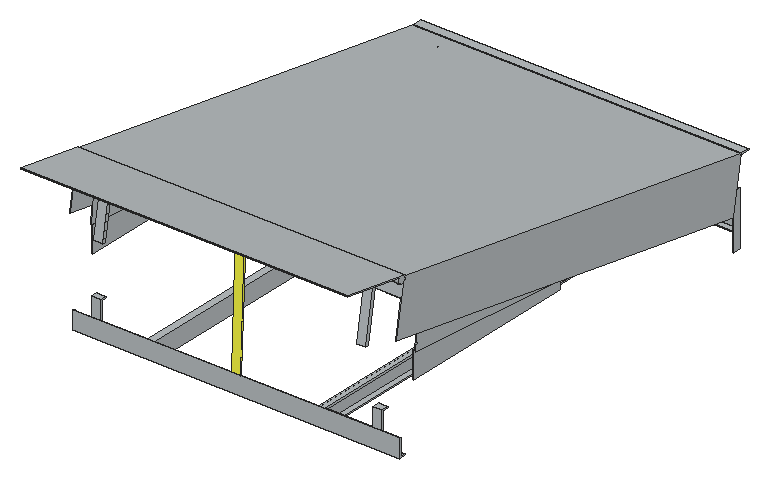
Revit family "DockEquipment_Leveler_Pentalift_MD-MU-MC", category Specialty Equipment, host Face, Revit 2023
Family settings
  Host = Face
  Round Connector Dimension = Use Diameter
  Part Type = Normal
  Enable Cutting in Views = No
  Cut with Voids When Loaded = No
  Maintain Annotation Orientation = No
  Shared = No
  Room Calculation Point = No
Parameters
  XDim [instance] = if(Incline Angle = 0.00°, 0' 0", PF Length - (InclHeight / tan(Incline Angle)))  # 0' - 1.42617"
  Warranty Duration (Years) = 0
  Unit Width = 6' - 0"
  Unit Length = 8' - 0"
  Unit Depth = 1' - 7"
  URL = "http://www.pentalift.com/index.php"
  Test Data = ""
  TapeAngle [instance] = atan(XDim / (Unit Depth - 0' 4" + InclHeight))  # 2.60875°
  Specification = ""
  SpecWizard = ""
  Send Message = "http://www.arcat.com/users.pl?action=UserEmail&company=Pentalift Equipment Corp.&coid=34752&rep=119&fax=519-763-2894&mf="
  Sales Information = "http://www.pentalift.com/about-us.htm"
  Revision = "R1_1_2012"
  Product Properties = ""
  Product Data = "http://www.arcat.com/arcatcos/cos34/arc34752.html"
  TapeLength [instance] = if(TapeAngle = 0.00°, Unit Depth - 0' 6", (XDim / sin(TapeAngle)) - 0' 3")  # 2' - 4.3337"
  PF Length = Unit Length - 0' 2 1/8"  # 7' - 9 7/8"
  Model = "As Specified"
  Max Angle = 10.00°
  Material = Metal - Steel - Pentalift - Painted - Gray
  Manufacturer Website = "http://www.pentalift.com/index.php"
  Manufacturer Phone - Toll Free = ""
  Manufacturer Phone = "519-763-3625"
  Manufacturer Fax = "519-763-2894"
  Manufacturer Address = "21 Nicholas Beaver Rd. Guelph, ON, Canada N1H 6H9 "
  Manufacturer = "Pentalift Equipment Corp."
  Maintenance Schedule (Months) = 0
  Lip Length [instance] = 1' - 4"
  Lip Angle [instance] = 0.00°
  Keynote = "11160"
  Installation-Fabrication = ""
  Installation Phase = ""
  Incline Angle [instance] = 10.00°
  InclHeight [instance] = PF Length * sin(Incline Angle)  # 1' - 4.30122"
  Green Building-LEED = ""
  Expected Lifespan (Years) = 0
  Drawn By = "Sumex Design, Inc. / Robert S. Weygant, CSI, CDT, SCIP"
  Description = "Pentalift Dock Equipment as Specified"
  Default Elevation = 4' - 0"
  Copyright = "©Arcat Inc."
  Construction Details = "http://www.arcat.com/details/pentalif/pentalif.html?coid=34752"
  Capacity (Weight) = 100.00 kip
  Building Codes = ""
  Assembly Code = "E1030300"
Reference planes (in)
  plane 1 "Center (Front/Back)": y = 0
  plane 2: z = 0
  plane 3 "Center (Left/Right)": x = 0
  plane 4: y = 45.875
  plane 5: y = -48
  plane 6: x = -36
  plane 7: x = 36
  plane 8: z = -19
  plane 9: x = -18
  plane 10: x = 18
  plane 11: y = -3
  plane 12: z = -17.5
  plane 13: z = -15
  plane 14: y = 48
Forms (in)
  Extrusion 1, void
    sketch origin (0, 0, 0) x (1, 0, 0) y (0, 1, 0)
      loop
        line (-36, -48) -> (36, -48) -> (36, 48) -> (-36, 48) -> (-36, -48)
    from 0 to -19
  Sweep 2, solid, material "Metal - Steel - Pentalift - Painted - Gray" <- "Material"
    path origin (-15.17702, -180, -19) x (-1, 0, 0) y (0, -1, 0)
      loop
        line (2.82298, -225.875) -> (2.82298, -132)
    profile origin (-18, -1.0625, -19) x (1, 0, 0) y (0, 0, 1)
      loop
        line (0, 0) -> (0, 4) -> (-1.5, 4) -> (-1.5, 3.75) -> (-0.25, 3.75) -> (-0.25, 0.25) -> (-1.5, 0.25) -> (-1.5, 0) -> (0, 0)
  Sweep 3, solid, material "Metal - Steel - Pentalift - Painted - Gray" <- "Material"
    path origin (-15.17702, -180, -19) x (-1, 0, 0) y (0, -1, 0)
      loop
        line (-33.17702, -225.875) -> (-33.17702, -132)
    profile origin (18, -1.0625, -19) x (1, 0, 0) y (0, 0, 1)
      loop
        line (0, 0) -> (1.5, 0) -> (1.5, 0.25) -> (0.25, 0.25) -> (0.25, 3.75) -> (1.5, 3.75) -> (1.5, 4) -> (0, 4) -> (0, 0)
  Sweep 4, solid, material "Metal - Steel - Pentalift - Painted - Gray" <- "Material"
    path origin (-15.17702, -180, -19) x (-1, 0, 0) y (0, -1, 0)
      loop
        line (20.82298, -132) -> (-51.17702, -132)
    profile origin (0, -48, -19) x (0, 1, 0) y (0, 0, 1)
      loop
        line (0, 0) -> (1.5, 0) -> (1.5, 0.25) -> (0.25, 0.25) -> (0.25, 4) -> (0, 4) -> (0, 0)
  Sweep 5, solid, material "Metal - Steel - Pentalift - Painted - Gray" <- "Material"
    path origin (-15.17702, -180, -19) x (-1, 0, 0) y (0, -1, 0)
      loop
        line (20.57298, -225.875) -> (-50.92702, -225.875)
    profile origin (0, 45.875, -19) x (0, 1, 0) y (0, 0, 1)
      loop
        line (0, 4) -> (0, 6) -> (-0.25, 6) -> (-0.25, 4.25) -> (-1.5, 4.25) -> (-1.5, 4) -> (0, 4)
  Sweep 6, solid, material "Metal - Steel - Pentalift - Painted - Gray" <- "Material"
    path origin (-15.17702, -180, -19) x (-1, 0, 0) y (0, -1, 0)
      loop
        line (2.82298, -180) -> (-33.17702, -180)
    profile origin (0, 0, -19) x (0, 1, 0) y (0, 0, 1)
      loop
        line (1.5, 3) -> (-1.5, 3) -> (-1.5, 0) -> (1.5, 0) -> (1.5, 3)
  Sweep 7, solid, material "Metal - Steel - Pentalift - Painted - Gray" <- "Material"
    path origin (-11.83813, 45.875, 48) x (-1, 0, 0) y (0, 0, 1)
      loop
        line (6.16187, -62.75) -> (6.16187, -48.75)
    profile origin (-18, 45.875, -7.75) x (1, 0, 0) y (0, 1, 0)
      loop
        line (-1.25, -0.25) -> (-1.25, -1.5) -> (-1, -1.5) -> (-1, -0.5) -> (1, -0.5) -> (1, -1.5) -> (1.25, -1.5) -> (1.25, -0.25) -> (-1.25, -0.25)
  Sweep 8, solid, material "Metal - Steel - Pentalift - Painted - Gray" <- "Material"
    path origin (24.16187, 45.875, 48) x (-1, 0, 0) y (0, 0, 1)
      loop
        line (6.16187, -62.75) -> (6.16187, -48.75)
    profile origin (18, 45.875, -7.75) x (1, 0, 0) y (0, 1, 0)
      loop
        line (-1.25, -0.25) -> (-1.25, -1.5) -> (-1, -1.5) -> (-1, -0.5) -> (1, -0.5) -> (1, -1.5) -> (1.25, -1.5) -> (1.25, -0.25) -> (-1.25, -0.25)
  Sweep 9, solid, material "Metal - Steel - Pentalift - Painted - Gray" <- "Material"
    path origin (6.16187, 45.875, 48) x (-1, 0, 0) y (0, 0, 1)
      loop
        line (6.16187, -62.75) -> (6.16187, -48.75)
    profile origin (0, 45.875, -7.75) x (1, 0, 0) y (0, 1, 0)
      loop
        line (-1.25, -0.25) -> (-1.25, -1.5) -> (-1, -1.5) -> (-1, -0.5) -> (1, -0.5) -> (1, -1.5) -> (1.25, -1.5) -> (1.25, -0.25) -> (-1.25, -0.25)
  Extrusion 10, solid, material "Metal - Steel - Pentalift - Painted - Gray" <- "Material"
    sketch origin (-15.17702, -180, -19) x (-1, 0, 0) y (0, -1, 0)
      loop
        line (20.57298, -225.875) -> (20.57298, -224.375) -> (20.32298, -224.375) -> (20.32298, -225.875) -> (20.57298, -225.875)
      loop
        line (-50.92702, -225.875) -> (-50.67702, -225.875) -> (-50.67702, -224.375) -> (-50.92702, -224.375) -> (-50.92702, -225.875)
    from 0 to 12
  Extrusion 11, solid, material "Metal - Steel - Pentalift - Painted - Gray" <- "Material"
    sketch origin (0, 0, 0) x (0, 1, 0) y (0, 0, 1)
      loop
        line (-1.5, -19) -> (-1.5, -16.5) -> (-2.12622, -16.5)
        arc (-2.12622, -16.5) -> (-2.60231, -16.56149) -> (-3.04714, -16.74193) r 1.87378
        line (-3.04714, -16.74193) -> (-19.91603, -1.01143) -> (-20.62357, -1.71897) -> (-3.75565, -17.44856)
        arc (-3.75565, -17.44856) -> (-3.93788, -17.89531) -> (-4, -18.37378) r 1.87378
        line (-4, -18.37378) -> (-4, -19) -> (-1.5, -19)
    from -2 to 2
  Extrusion 12, solid, material "Metal - Steel - Pentalift - Painted - Gray" <- "Material"
    sketch origin (0, 0, 0) x (1, 0, 0) y (0, 1, 0)
      loop
        line (-36, 48) -> (-36, 45.875) -> (36, 45.875) -> (36, 48) -> (-36, 48)
    from 0 to -0.25
  Extrusion 13, solid, material "Metal - Steel - Pentalift - Painted - Gray" <- "Material"
    sketch origin (-36, 19.13326, 48) x (0, 1, 0) y (0, 0, 1)
      loop
        line (-66.88326, -66.75) -> (-66.63326, -66.75) -> (-66.63326, -59.25) -> (-65.38326, -59.25) -> (-65.38326, -59) -> (-66.88326, -59) -> (-66.88326, -66.75)
    from 4 to 6
  Extrusion 14, solid, material "Metal - Steel - Pentalift - Painted - Gray" <- "Material"
    sketch origin (36, 19.13326, 48) x (0, 1, 0) y (0, 0, 1)
      loop
        line (-66.88326, -66.75) -> (-66.63326, -66.75) -> (-66.63326, -59.25) -> (-65.38326, -59.25) -> (-65.38326, -59) -> (-66.88326, -59) -> (-66.88326, -66.75)
    from -4 to -6
  Extrusion 15, solid, material "Metal - Steel - Pentalift - Painted - Gray" <- "Material"
    sketch origin (36, -46.57383, 16.30122) x (-1, 0, 0) y (0, -0.173648, -0.984808)
      loop
        line (66, 0.88155) -> (66, 15) -> (64, 15) -> (64, 0.88155) -> (66, 0.88155)
      loop
        line (6, 0.88155) -> (8, 0.88155) -> (8, 15) -> (6, 15) -> (6, 0.88155)
    from 0 to 0.5
  Extrusion 16, solid, material "Metal - Steel - Pentalift - Painted - Yellow"
    sketch origin (0, -48, -15) x (0, 0.045516, 0.998964) y (0, -0.998964, 0.045516)
      loop
        line (0, 0) -> (0, -0.125) -> (28.3337, -0.125) -> (28.3337, 0) -> (0, 0)
    from 1 to -1
Cuts and joins
  joined: Sweep 2, Sweep 3, Sweep 4, Sweep 5, Sweep 6, Sweep 7, Sweep 8, Sweep 9, Extrusion 10
Lines and regions (in)
  reference lines
    curve 1: line (0, 45.875, 0) -> (0, -28.97039, 13.19726)
    curve 2: line (0, -48, -15) -> (0, -46.36144, 20.96269)
Dimensions and locks (in)
  "Unit Depth": level to plane 8
  equal spacing: plane 14, plane 1 "Center (Front/Back)", plane 5
  equal spacing: plane 6, plane 3 "Center (Left/Right)", plane 7
  "Unit Width": plane 6 to plane 7
  equal spacing: plane 6, plane 9, plane 3 "Center (Left/Right)"
  locked: plane 1 "Center (Front/Back)" to plane 11 at 3
  locked: plane 12 to plane 8 at 1.5
  equal spacing: plane 3 "Center (Left/Right)", plane 10, plane 7
  locked: plane 13 to plane 12 at 2.5
  locked: plane 14 to plane 4 at 2.125
  "Unit Length": plane 14 to plane 5
  Extrusion 15 sketch curve to Extrusion 15 sketch curve to plane 6 = 0' - 2" locked, 0' - 6"
  Extrusion 15 sketch curve to Extrusion 15 sketch curve to plane 7 = 0' - 2" locked, 0' - 6" locked
  "TapeLength": Extrusion 16 sketch curve to curve 2
  "Incline Angle": angle level to curve 1
  "TapeAngle": angle plane 5 to curve 2
  aligned and locked: plane 2 to host face
  aligned and locked: level to host face
  aligned and locked: Extrusion 1 to plane 8
Automatic sketch dimensions
  host sketch curve to host sketch curve = 8' - 0"
  host sketch curve to host sketch curve = 9' - 11.43093"
  Sweep 2 sketch curve to plane 5 = 0' - 0"
  Sweep 2 sketch curve to plane 9 = 0' - 0"
  Sweep 2 sketch curve to plane 4 = 0' - 0"
  Sweep 3 sketch curve to plane 5 = 0' - 0"
  Sweep 3 sketch curve to plane 10 = 0' - 0"
  Sweep 3 sketch curve to plane 4 = 0' - 0"
  Sweep 4 sketch curve to plane 5 = 0' - 0"
  Sweep 4 sketch curve to plane 7 = 0' - 0"
  Sweep 4 sketch curve to plane 6 = 0' - 0"
  Sweep 5 sketch curve to plane 4 = 0' - 0"
  Sweep 5 sketch curve to plane 7 = 0' - 0 1/4"
  plane 6 to Sweep 5 sketch curve = 0' - 0 1/4"
  Sweep 6 sketch curve to plane 1 "Center (Front/Back)" = 0' - 0"
  Sweep 6 sketch curve to plane 10 = 0' - 0"
  Sweep 6 sketch curve to plane 9 = 0' - 0"
  Sweep 7 sketch curve to plane 9 = 0' - 0"
  plane 13 to Sweep 7 sketch curve = 0' - 0 1/4"
  Sweep 7 sketch curve to level = 0' - 0 3/4"
  profile plane to Sweep 7 sketch curve = 0' - 1 1/4"
  Sweep 7 sketch curve to Sweep 7 sketch curve = 0' - 0 1/4"  (x2)
  Sweep 7 sketch curve to plane 4 = 0' - 0 1/2"
  Sweep 7 sketch curve to profile plane = 0' - 1"
  Sweep 7 sketch curve to Sweep 7 sketch curve = 0' - 1"  (x2)
  Sweep 7 sketch curve to plane 4 = 0' - 0 1/4"
  Sweep 8 sketch curve to plane 10 = 0' - 0"
  plane 13 to Sweep 8 sketch curve = 0' - 0 1/4"
  Sweep 8 sketch curve to level = 0' - 0 3/4"
  profile plane to Sweep 8 sketch curve = 0' - 1 1/4"
  Sweep 8 sketch curve to Sweep 8 sketch curve = 0' - 0 1/4"  (x2)
  Sweep 8 sketch curve to plane 4 = 0' - 0 1/2"
  Sweep 8 sketch curve to profile plane = 0' - 1"
  Sweep 8 sketch curve to Sweep 8 sketch curve = 0' - 1"  (x2)
  Sweep 8 sketch curve to plane 4 = 0' - 0 1/4"
  Sweep 9 sketch curve to plane 3 "Center (Left/Right)" = 0' - 0"
  plane 13 to Sweep 9 sketch curve = 0' - 0 1/4"
  Sweep 9 sketch curve to level = 0' - 0 3/4"
  profile plane to Sweep 9 sketch curve = 0' - 1 1/4"
  Sweep 9 sketch curve to Sweep 9 sketch curve = 0' - 0 1/4"  (x2)
  Sweep 9 sketch curve to plane 4 = 0' - 0 1/2"
  Sweep 9 sketch curve to profile plane = 0' - 1"
  Sweep 9 sketch curve to Sweep 9 sketch curve = 0' - 1"  (x2)
  Sweep 9 sketch curve to plane 4 = 0' - 0 1/4"
  Extrusion 10 sketch curve to plane 4 = 0' - 0"  (x2)
  Extrusion 10 sketch curve to plane 7 = 0' - 0 1/4"
  Extrusion 10 sketch curve to Extrusion 10 sketch curve = 0' - 0 1/4"
  plane 6 to Extrusion 10 sketch curve = 0' - 0 1/2"
  plane 6 to Extrusion 10 sketch curve = 0' - 0 1/4"
  Extrusion 10 sketch curve to plane 4 = 0' - 1 1/2"  (x2)
  Extrusion 1 sketch curve to plane 5 = 0' - 0"
  Extrusion 1 sketch curve to plane 6 = 0' - 0"
  Extrusion 1 sketch curve to plane 7 = 0' - 0"
  Extrusion 1 sketch curve to plane 14 = 0' - 0"
  Extrusion 12 sketch curve to plane 4 = 0' - 0"
  Extrusion 12 sketch curve to plane 6 = 0' - 0"
  Extrusion 12 sketch curve to plane 7 = 0' - 0"
  Extrusion 12 sketch curve to plane 14 = 0' - 0"
  Sweep 2 sketch curve to plane 8 = 0' - 0"
  Sweep 2 sketch curve to profile plane = 0' - 0"
  profile plane to Sweep 2 sketch curve = 0' - 0 1/4"
  plane 8 to Sweep 2 sketch curve = 0' - 0 1/4"
  Sweep 2 sketch curve to Sweep 2 sketch curve = 0' - 1 1/4"  (x2)
  Sweep 2 sketch curve to Sweep 2 sketch curve = 0' - 3 1/2"
  Sweep 2 sketch curve to Sweep 2 sketch curve = 0' - 0 1/4"
  Sweep 3 sketch curve to profile plane = 0' - 0"
  Sweep 3 sketch curve to plane 8 = 0' - 0"
  Sweep 3 sketch curve to profile plane = 0' - 0 1/4"
  Sweep 3 sketch curve to Sweep 3 sketch curve = 0' - 1 1/4"  (x2)
  Sweep 3 sketch curve to Sweep 3 sketch curve = 0' - 0 1/4"  (x2)
  Sweep 3 sketch curve to Sweep 3 sketch curve = 0' - 3 1/2"
  Sweep 4 sketch curve to profile plane = 0' - 0"
  Sweep 4 sketch curve to plane 8 = 0' - 0"
  Sweep 4 sketch curve to Sweep 4 sketch curve = 0' - 0 1/4"
  Sweep 4 sketch curve to Sweep 4 sketch curve = 0' - 1 1/4"
  plane 8 to Sweep 4 sketch curve = 0' - 0 1/4"
  Sweep 4 sketch curve to Sweep 4 sketch curve = 0' - 3 3/4"
  Sweep 5 sketch curve to profile plane = 0' - 0"
  Sweep 5 sketch curve to Sweep 5 sketch curve = 0' - 0 1/4"  (x2)
  Sweep 5 sketch curve to Sweep 5 sketch curve = 0' - 1 1/4"
  plane 8 to Sweep 5 sketch curve = 0' - 4"
  Sweep 5 sketch curve to Sweep 5 sketch curve = 0' - 1 3/4"
  Sweep 6 sketch curve to plane 8 = 0' - 0"
  profile plane to Sweep 6 sketch curve = 0' - 1 1/2"
  Sweep 6 sketch curve to profile plane = 0' - 1 1/2"
  plane 8 to Sweep 6 sketch curve = 0' - 3"
  Extrusion 11 sketch curve to Extrusion 11 sketch curve = 0' - 0"  (x2)
  Extrusion 11 sketch curve to plane 8 = 0' - 0"
  Extrusion 11 sketch curve to level = 0' - 1.71897"
  plane 11 to Extrusion 11 sketch curve = 1' - 5.62357"
  Extrusion 11 sketch curve to level = 0' - 1.01143"
  Extrusion 11 sketch curve to Extrusion 11 sketch curve = 0' - 0.70754"
  plane 11 to Extrusion 11 sketch curve = 0' - 1"
  plane 12 to Extrusion 11 sketch curve = 0' - 0.05144"
  plane 11 to Extrusion 11 sketch curve = 0' - 0.75565"
  plane 11 to Extrusion 11 sketch curve = 0' - 0.04714"
  plane 8 to Extrusion 11 sketch curve = 0' - 0.62622"
  Extrusion 11 sketch curve to Extrusion 11 sketch curve = 0' - 0.62622"
  plane 12 to Extrusion 11 sketch curve = 0' - 0.75807"
  plane 5 to Extrusion 13 sketch curve = 0' - 0 1/4"
  Extrusion 13 sketch curve to Extrusion 13 sketch curve = 0' - 0 1/4"  (x2)
  Extrusion 13 sketch curve to Extrusion 13 sketch curve = 0' - 1 1/4"
  plane 8 to Extrusion 13 sketch curve = 0' - 0 1/4"
  plane 13 to Extrusion 13 sketch curve = 0' - 3 3/4"
  plane 5 to Extrusion 14 sketch curve = 0' - 0 1/4"
  Extrusion 14 sketch curve to Extrusion 14 sketch curve = 0' - 0 1/4"  (x2)
  Extrusion 14 sketch curve to Extrusion 14 sketch curve = 0' - 1 1/4"
  plane 8 to Extrusion 14 sketch curve = 0' - 0 1/4"
  plane 13 to Extrusion 14 sketch curve = 0' - 3 3/4"
  nested 1 to Extrusion 15 sketch curve = 0' - 3"  (x2)
  Extrusion 15 sketch curve to nested 1 = 0' - 0.88155"  (x2)
  curve 2 to plane 5 = 0' - 0"
  curve 1 to level = 0' - 0"
  curve 1 to plane 4 = 0' - 0"
  curve 2 to plane 13 = 0' - 0"
  Extrusion 16 sketch curve to curve 2 = 0' - 0"  (x2)
  Extrusion 16 sketch curve to curve 2 = 0' - 0 1/8"
Nested families (in)
  nested 1: "Platform_HD" at (0, -0.34941, 8.15061) x (1, 0, 0) z (0, 0.1736, 0.9848), Material <- "Material", Unit Width <- "Unit Width", Unit Length <- "PF Length", Lip Length <- "Lip Length", Lip Angle <- "Lip Angle", Flap Angle <- "Incline Angle", Max Angle <- "Max Angle", type "Platform_HD"
    with offset 0' - 0", ll 1' - 3 1/4", Unit Width 6' - 0", Unit Length 7' - 9 7/8", Roll Off Edge no, Max Angle 10.00°, Material Metal - Steel - Pentalift - Painted - Gray, MA/2 5.00°, Lip Length 1' - 4", Lip Angle 0.00°, FlapLength 3' - 4 15/16", Flap Angle 10.00°, FA/2 5.00°, EdgeExt 0' - 0 3/4"
Definition of nested family "Platform_HD"
  Parameters
    offset [instance] = 0' - 0"
    ll [instance] = Lip Length - 0' 0 3/4"  # 1' - 3 1/4"
    Warranty Duration (Years) = 0
    Unit Width [instance] = 6' - 0"
    Unit Length [instance] = 10' - 0"
    Unit Depth = 1' - 0"
    URL = "http://www.pentalift.com/index.php"
    Specification = ""
    SpecWizard = ""
    Send Message = "http://www.arcat.com/users.pl?action=UserEmail&company=Pentalift Equipment Corp.&coid=34752&rep=119&fax=519-763-2894&mf="
    Sales Information = "http://www.pentalift.com/about-us.htm"
    Roll Off Edge [instance] = no
    Revision = "R1_01-2012"
    Product Properties = ""
    Product Data = "http://www.arcat.com/arcatcos/cos34/arc34752.html"
    Model = "As Specified"
    Max Angle [instance] = 15.00°
    Material [instance] = none
    Manufacturer Website = "http://www.pentalift.com/index.php"
    Manufacturer Phone - Toll Free = ""
    Manufacturer Phone = "519-763-3625 "
    Manufacturer Fax = "519-763-2894"
    Manufacturer Address = "21 Nicholas Beaver Rd. Guelph, ON, Canada N1H 6H9 "
    Manufacturer = "Pentalift Equipment Corp."
    Maintenance Schedule (Months) = 0
    MA/2 [instance] = Max Angle / 2  # 7.50°
    Lip Length [instance] = 1' - 4"
    Lip Angle [instance] = 15.00°
    Keynote = "11160"
    Installation-Fabrication = ""
    Installation Phase = ""
    Green Building-LEED = ""
    FlapLength [instance] = (Unit Length / 2) - 0' 6"  # 4' - 6"
    Flap Angle [instance] = 10.00°
    FA/2 [instance] = Flap Angle / 2  # 5.00°
    Expected Lifespan (Years) = 0
    EdgeExt [instance] = if(Roll Off Edge, 0' 8 1/2", 0' 0 3/4")  # 0' - 0 3/4"
    Drawn By = "Sumex Design, Inc. / Robert S. Weygant, CSI, CDT, SCIP"
    Description = "Pentalift Dock Equipment as Specified"
    Default Elevation = 4' - 0"
    Copyright = "©Arcat Inc."
    Construction Details = "http://www.arcat.com/details/pentalif/pentalif.html?coid=34752"
    Assembly Code = "E1030300"
  Reference planes (in)
    plane 1 "Center (Front/Back)": y = 0
    plane 2 "Bottom": z = 0
    plane 3 "Center (Left/Right)": x = 0
    plane 4 "Front": y = -60
    plane 5 "Back": y = 60
    plane 6 "Left": x = -36
    plane 7 "Right": x = 36
    plane 8 "Top": z = -12
    plane 9: y = -60.75
    plane 10: z = -0.5
    plane 11: x = -28
    plane 12: x = -20
    plane 13: x = -12
    plane 14: x = -4
    plane 15: x = 4
    plane 16: x = 12
    plane 17: x = 20
    plane 18: x = 28
  Forms (in)
    Extrusion 1, solid, material <- "Material"
      sketch origin (0, 0, 0) x (1, 0, 0) y (0, 1, 0)
        loop
          line (-36, 60) -> (-36, -60) -> (36, -60) -> (36, 60) -> (-36, 60)
      from 0 to -0.25
    Extrusion 2, solid, material <- "Material"
      sketch origin (-11.94222, -60, 48) x (-1, 0, 0) y (0, 0, 1)
        loop
          line (24.05778, -48) -> (-47.94222, -48) -> (-47.94222, -52) -> (24.05778, -52) -> (24.05778, -48)
      from 0 to 0.25
    Extrusion 3, solid, material <- "Material"
      sketch origin (-11.94222, 60, 48) x (-1, 0, 0) y (0, 0, 1)
        loop
          line (24.05778, -48) -> (-47.94222, -48) -> (-47.94222, -52) -> (24.05778, -52) -> (24.05778, -48)
      from 0 to -0.25
    Extrusion 4, solid, material <- "Material"
      sketch origin (-36, 16.34522, 48) x (0, 1, 0) y (0, 0, 1)
        loop
          line (43.65478, -48) -> (-76.34522, -48) -> (-76.34522, -60) -> (43.65478, -60) -> (43.65478, -48)
      from 0 to 0.25
    Extrusion 5, solid, material <- "Material"
      sketch origin (36, 16.34522, 48) x (0, 1, 0) y (0, 0, 1)
        loop
          line (43.65478, -48) -> (-76.34522, -48) -> (-76.34522, -60) -> (43.65478, -60) -> (43.65478, -48)
      from 0 to -0.25
    Extrusion 6, solid, material <- "Material"
      sketch origin (0, -60.75, -0.5) x (0, -0.965926, -0.258819) y (0, 0.258819, -0.965926)
        loop
          line (-0.75, -0.75) -> (15.25, -0.75) -> (15.25, -0.5) -> (0.55902, -0.5)
          arc (0.55902, -0.5) -> (0, 0.75) -> (-0.55902, -0.5) r 0.75
          line (-0.55902, -0.5) -> (-0.75, -0.5) -> (-0.75, -0.75)
      from -36 to 36
    Extrusion 7, solid, material <- "Material"
      sketch origin (-11.94222, -60, 48) x (-1, 0, 0) y (0, 0, 1)
        loop
          line (16.80778, -48.25) -> (15.30778, -48.25) -> (15.30778, -51.75) -> (16.80778, -51.75) -> (16.80778, -48.25)
        loop
          line (8.80778, -48.25) -> (7.30778, -48.25) -> (7.30778, -51.75) -> (8.80778, -51.75) -> (8.80778, -48.25)
        loop
          line (0.80778, -48.25) -> (-0.69222, -48.25) -> (-0.69222, -51.75) -> (0.80778, -51.75) -> (0.80778, -48.25)
        loop
          line (-7.19222, -48.25) -> (-8.69222, -48.25) -> (-8.69222, -51.75) -> (-7.19222, -51.75) -> (-7.19222, -48.25)
        loop
          line (-15.19222, -48.25) -> (-16.69222, -48.25) -> (-16.69222, -51.75) -> (-15.19222, -51.75) -> (-15.19222, -48.25)
        loop
          line (-23.19222, -48.25) -> (-24.69222, -48.25) -> (-24.69222, -51.75) -> (-23.19222, -51.75) -> (-23.19222, -48.25)
        loop
          line (-31.19222, -48.25) -> (-32.69222, -48.25) -> (-32.69222, -51.75) -> (-31.19222, -51.75) -> (-31.19222, -48.25)
        loop
          line (-39.19222, -48.25) -> (-40.69222, -48.25) -> (-40.69222, -51.75) -> (-39.19222, -51.75) -> (-39.19222, -48.25)
        loop
          line (-11.81722, -48.25) -> (-12.06722, -48.25) -> (-12.06722, -50.5) -> (-11.81722, -50.5) -> (-11.81722, -48.25)
      from 0 to 120
    Extrusion 8, solid, material <- "Material"
      sketch origin (0, 0, -12) x (0, -0.984808, -0.173648) y (0, 0.173648, -0.984808)
        loop
          line (0.72794, 2) -> (0.72794, -0.22427) -> (54, -7.23767) -> (54, 2) -> (0.72794, 2)
      from -35.25 to -35.5
    Extrusion 9, solid, material <- "Material"
      sketch origin (0, 0, -12) x (0, -0.984808, -0.173648) y (0, 0.173648, -0.984808)
        loop
          line (0.72794, 2) -> (0.72794, -0.22427) -> (54, -7.23767) -> (54, 2) -> (0.72794, 2)
      from 35.5 to 35.25
    Extrusion 10, solid, material <- "Material"
      sketch origin (0, 0, -12) x (0, -0.996195, -0.087156) y (0, 0.087156, -0.996195)
        loop
          line (0.72794, 0) -> (0.72794, -2.3933) -> (54, -7.05401) -> (54, 0) -> (0.72794, 0)
      from -35.75 to -35.5
    Extrusion 11, solid, material <- "Material"
      sketch origin (0, 0, -12) x (0, -0.996195, -0.087156) y (0, 0.087156, -0.996195)
        loop
          line (54, 0) -> (0.72794, 0) -> (0.72794, -2.3933) -> (54, -7.05401) -> (54, 0)
      from 35.5 to 35.75
  Cuts and joins
    joined: Extrusion 1, Extrusion 2, Extrusion 3, Extrusion 4, Extrusion 5, Extrusion 7
  Lines and regions (in)
    reference lines
      curve 1: line (0, -60.75, -0.5) -> (0, -85.86407, -7.2293)
      curve 2: line (0, 0, -12) -> (0, -57.85746, -22.20183)
      curve 3: line (0, -60.75, -0.5) -> (0, -61.33234, 1.67333)
      curve 4: line (0, 0, -12) -> (0, -61.76407, -17.40366)
  Dimensions and locks (in)
    equal spacing: plane 6 "Left", plane 3 "Center (Left/Right)", plane 7 "Right"
    "Unit Width": plane 6 "Left" to plane 7 "Right"
    equal spacing: plane 5 "Back", plane 1 "Center (Front/Back)", plane 4 "Front"
    "Unit Length": plane 5 "Back" to plane 4 "Front"
    "Unit Depth": level to plane 8 "Top"
    locked: plane 4 "Front" to plane 9 at 0.75
    locked: level to plane 10 at 0.5
    equal spacing: plane 6 "Left", plane 11, plane 12, plane 13, plane 14, plane 15, plane 16, plane 17, plane 18, plane 7 "Right"
    "FlapLength": Extrusion 8 sketch curve to curve 2
    locked: plane 6 "Left" to Extrusion 8 at 0.75
    locked: plane 6 "Left" to Extrusion 8 at 0.5
    "FlapLength": Extrusion 9 sketch curve to curve 2
    locked: Extrusion 9 to plane 7 "Right" at 0.75
    locked: Extrusion 9 to plane 7 "Right" at 0.5
    locked: level to curve 1 at 0.5
    "ll": Extrusion 6 sketch curve to curve 3
    "EdgeExt": curve 3 to Extrusion 6 sketch curve
    "FlapLength": Extrusion 10 sketch curve to curve 4
    plane 6 "Left" to Extrusion 10 to Extrusion 10 = 0' - 0 1/4" locked, 0' - 0 1/4" locked
    "FlapLength": Extrusion 11 sketch curve to curve 4
    Extrusion 11 to Extrusion 11 to plane 7 "Right" = 0' - 0 1/4" locked, 0' - 0 1/4" locked
    locked: curve 2 to Extrusion 8 sketch curve at 0.22427
    locked: curve 2 to Extrusion 9 sketch curve at 0.22427
    "Lip Angle": angle curve 1 to plane 10
    "Flap Angle": angle curve 2 to plane 8 "Top"
    "MA/2": angle curve 2 to Extrusion 8 sketch curve
    "MA/2": angle curve 2 to Extrusion 9 sketch curve
    "FA/2": angle curve 4 to plane 8 "Top"
    "FA/2": angle curve 4 to Extrusion 10 sketch curve
    "FA/2": angle curve 4 to Extrusion 11 sketch curve
    aligned and locked: Extrusion 6 to plane 6 "Left"
    aligned and locked: Extrusion 6 to plane 7 "Right"
    aligned and locked: plane 5 "Back" to Extrusion 7
  Automatic sketch dimensions
    Extrusion 1 sketch curve to plane 4 "Front" = 0' - 0"
    Extrusion 1 sketch curve to plane 6 "Left" = 0' - 0"
    Extrusion 1 sketch curve to plane 7 "Right" = 0' - 0"
    Extrusion 1 sketch curve to plane 5 "Back" = 0' - 0"
    Extrusion 2 sketch curve to level = 0' - 0"
    Extrusion 2 sketch curve to plane 7 "Right" = 0' - 0"
    Extrusion 2 sketch curve to plane 6 "Left" = 0' - 0"
    Extrusion 2 sketch curve to level = 0' - 4"
    Extrusion 3 sketch curve to level = 0' - 0"
    Extrusion 3 sketch curve to plane 7 "Right" = 0' - 0"
    Extrusion 3 sketch curve to plane 6 "Left" = 0' - 0"
    Extrusion 3 sketch curve to level = 0' - 4"
    Extrusion 4 sketch curve to level = 0' - 0"
    Extrusion 4 sketch curve to plane 4 "Front" = 0' - 0"
    Extrusion 4 sketch curve to plane 5 "Back" = 0' - 0"
    Extrusion 4 sketch curve to plane 8 "Top" = 0' - 0"
    Extrusion 5 sketch curve to level = 0' - 0"
    Extrusion 5 sketch curve to plane 4 "Front" = 0' - 0"
    Extrusion 5 sketch curve to plane 5 "Back" = 0' - 0"
    Extrusion 5 sketch curve to plane 8 "Top" = 0' - 0"
    Extrusion 7 sketch curve to level = 0' - 0 1/4"  (x9)
    plane 18 to Extrusion 7 sketch curve = 0' - 0 3/4"
    Extrusion 7 sketch curve to plane 18 = 0' - 0 3/4"
    plane 17 to Extrusion 7 sketch curve = 0' - 0 3/4"
    Extrusion 7 sketch curve to plane 17 = 0' - 0 3/4"
    plane 16 to Extrusion 7 sketch curve = 0' - 0 3/4"
    Extrusion 7 sketch curve to plane 16 = 0' - 0 3/4"
    plane 15 to Extrusion 7 sketch curve = 0' - 0 3/4"
    Extrusion 7 sketch curve to plane 15 = 0' - 0 3/4"
    plane 3 "Center (Left/Right)" to Extrusion 7 sketch curve = 0' - 0 1/8"
    Extrusion 7 sketch curve to plane 3 "Center (Left/Right)" = 0' - 0 1/8"
    plane 14 to Extrusion 7 sketch curve = 0' - 0 3/4"
    Extrusion 7 sketch curve to plane 14 = 0' - 0 3/4"
    plane 13 to Extrusion 7 sketch curve = 0' - 0 3/4"
    Extrusion 7 sketch curve to plane 13 = 0' - 0 3/4"
    plane 12 to Extrusion 7 sketch curve = 0' - 0 3/4"
    Extrusion 7 sketch curve to plane 12 = 0' - 0 3/4"
    plane 11 to Extrusion 7 sketch curve = 0' - 0 3/4"
    Extrusion 7 sketch curve to plane 11 = 0' - 0 3/4"
    Extrusion 7 sketch curve to plane 10 = 0' - 2"
    Extrusion 7 sketch curve to plane 10 = 0' - 3 1/4"  (x8)
    curve 3 to curve 1 = 0' - 0"  (x2)
    curve 3 to curve 1 = 0' - 2 1/4"
    Extrusion 6 sketch curve to curve 1 = 0' - 0"  (x2)
    curve 1 to Extrusion 6 sketch curve = 0' - 0 1/2"
    curve 1 to Extrusion 6 sketch curve = 0' - 0 3/4"
    Extrusion 6 sketch curve to Extrusion 6 sketch curve = 0' - 0 1/4"
    Extrusion 6 sketch curve to Extrusion 6 sketch curve = 0' - 0"
    curve 1 to plane 9 = 0' - 0"
    curve 4 to plane 1 "Center (Front/Back)" = 0' - 0"
    curve 2 to plane 8 "Top" = 0' - 0"
    Extrusion 10 sketch curve to curve 4 = 0' - 0"
    curve 4 to Extrusion 10 sketch curve = 0' - 0.72794"
    Extrusion 10 sketch curve to curve 4 = 0' - 2.3933"
    curve 2 to Extrusion 8 sketch curve = 0' - 0.72794"
    curve 2 to Extrusion 8 sketch curve = 0' - 2"
    curve 2 to Extrusion 9 sketch curve = 0' - 0.72794"
    curve 2 to Extrusion 9 sketch curve = 0' - 2"
    Extrusion 11 sketch curve to curve 4 = 0' - 0"
    curve 4 to Extrusion 11 sketch curve = 0' - 0.72794"
    Extrusion 11 sketch curve to curve 4 = 0' - 2.3933"
    radius of Extrusion 6 sketch curve = 0' - 0 3/4"
